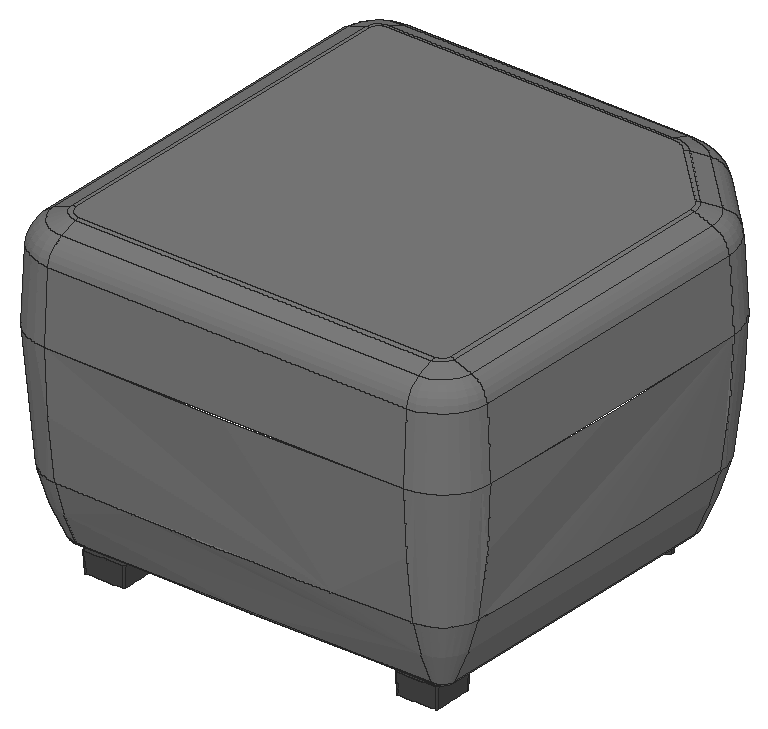
Revit family "Chair-Soft_Seating-Allermuir-Haven_Bench-HAB2WC90", category Furniture, Revit 2012
Parameters (values of type "HAB2WC90")
  ecoScorecard_data = "http://thesenatorgroup.ecoscorecard.com/product/HAB2WC90"
  ecoScorecard Product Page = "http://products.ecoscorecard.com/allermuir/HAB2WC90?action=html"
  Width = 1' - 9.7168"
  Weight = 15.0 lbf
  URL = "http://www.allermuir.net/Default.aspx"
  Subcategory = "Soft Seating"  # constant formula
  Specifications URL = ""
  Seat or Top = Fabric - Allermuir - Silcoates
  Product Page URL = "http://www.allermuir.net/Products.aspx?RangeId=495"
  Product Line = "Haven Bench"  # constant formula
  Pricing URL = ""
  Plugin Data URL = "http://products.ecoscorecard.com/thesenatorgroup/HAB2WC90"
  Model = "HAB2WC90"  # constant formula
  Manufacturer Phone - Toll Free = "(888) 887 5806"  # constant formula
  Manufacturer Phone = "(419) 887 5806"  # constant formula
  Manufacturer Fax = "(419) 887 5805"  # constant formula
  Manufacturer Email = "mailto:contact@allermuir-na.com"
  Manufacturer Address = "1630 Holland Road, Maumee, Ohio 43537 "  # constant formula
  Manufacturer = "Allermuir"  # constant formula
  LEED Stats URL = ""
  Height = 1' - 6.44476"
  Fabric Spec Sheets = "http://www.allermuir.net/Services/File.ashx?Type=B&Id=51"
  Description = ""
  Depth = 1' - 8.53955"
  Color Availability = "See price list for material options"  # constant formula
  CAD Blocks URL = ""
  Brochure URL = ""
  Base = Plastic - Allermuir - Black
  Assembly Code = "E2020200"
  95 CSI = "12510"  # constant formula
  04 CSI = "12 51 00"  # constant formula
Reference planes (in)
  plane 1 "Center Front/Back": y = 0
  plane 2: z = 0
  plane 3 "Center Left/Right": x = 0
  plane 4: x = 13.34061
  plane 5: x = -13.34061
  plane 6: y = 13.21296
  plane 7: y = -13.21296
Dimensions and locks (in)
  aligned and locked: plane 3 "Center Left/Right" to nested 1
  aligned and locked: plane 1 "Center Front/Back" to nested 1
Nested families (in)
  nested 1: "HAB2WC90" at (0, 0, 0), type "HAB2WC90"
Definition of nested family "HAB2WC90"
  Parameters (values of type "HAB2WC90")
    URL = "http://www.allermuir.net/Default.aspx"
    Seat = Fabric - Allermuir - Silcoates
    Model = "HAB2WC90"  # constant formula
    Manufacturer = "Allermuir"  # constant formula
    Leg = Plastic - Allermuir - Black
    Description = ""
    Assembly Code = "E2020200"
  Reference planes (in)
    plane 1 "Center Front/Back": y = 0
    plane 2: z = 0
    plane 3 "Center Left/Right": x = 0
    plane 4: x = 13.34061
    plane 5: x = -13.84061
    plane 6: y = 13.77546
    plane 7: y = -13.21296
  Forms (in)
    Sweep 1, solid, material "Fabric - Allermuir - Silcoates" <- "Seat"
      path origin (0, 0.25, 0) x (1, 0, 0) y (0, 1, 0)
        loop
          arc (-11.68062, 10.71163) -> (-12.11085, 0.09507) -> (-11.72814, -10.52331) r 138.87396
          arc (-11.72814, -10.52331) -> (-11.26822, -11.49897) -> (-10.27386, -11.91689) r 1.50612
          arc (-10.27386, -11.91689) -> (0.02897, -12.0802) -> (10.33181, -11.91759) r 325.77007
          arc (10.33181, -11.91759) -> (11.16624, -11.55719) -> (11.52927, -10.7239) r 1.2373
          arc (11.52927, -10.7239) -> (11.67824, -2.0395) -> (11.52146, 6.64477) r 246.73566
          arc (11.52146, 6.64477) -> (11.37135, 7.30644) -> (10.98939, 7.86719) r 1.82053
          line (10.98939, 7.86719) -> (7.66828, 11.18831)
          arc (7.66828, 11.18831) -> (6.91107, 11.69425) -> (6.01789, 11.87192) r 2.334
          line (6.01789, 11.87192) -> (-10.42514, 11.87192)
          arc (-10.42514, 11.87192) -> (-11.27991, 11.53743) -> (-11.68062, 10.71163) r 1.25938
      profile origin (-12.11085, 0.34507, 0) x (0.999997, -0.002238, 0) y (0, 0, 1)
        loop
          arc (0.48359, 18.00911) -> (-0.02008, 17.84496) -> (-0.51079, 17.64535) r 7.4344
          arc (-0.51079, 17.64535) -> (-1.13713, 17.14199) -> (-1.43804, 16.39693) r 1.59282
          arc (-1.43804, 16.39693) -> (-1.6232, 14.37226) -> (-1.65548, 12.33941) r 26.99906
          arc (-1.65548, 12.33941) -> (-1.44027, 8.70227) -> (-0.95447, 5.09131) r 48.83145
          line (-0.95447, 5.09131) -> (1.08431, 5.09131) -> (1.08431, 18.04351) -> (0.72818, 18.04351)
          arc (0.72818, 18.04351) -> (0.60468, 18.03487) -> (0.48359, 18.00911) r 0.88682
    Sweep 2, solid, material "Fabric - Allermuir - Silcoates" <- "Seat"
      path in 3D
        loop
          arc (-10.42514, 13.07639, 5.09131) -> (-11.92772, 12.48839, 5.09131) -> (-12.63213, 11.03673, 5.09131) r 2.21385
          arc (-12.63213, 11.03673, 5.09131) -> (-13.06532, 0.3472, 5.09131) -> (-12.67998, -10.34416, 5.09131) r 139.82843
          arc (-12.67998, -10.34416, 5.09131) -> (-11.9286, -11.93811, 5.09131) -> (-10.30408, -12.62088, 5.09131) r 2.46059
          arc (-10.30408, -12.62088, 5.09131) -> (0.02894, -12.78467, 5.09131) -> (10.36196, -12.62158, 5.09131) r 326.72454
          arc (10.36196, -12.62158, 5.09131) -> (11.84009, -11.98317, 5.09131) -> (12.48316, -10.50707, 5.09131) r 2.19177
          arc (12.48316, -10.50707, 5.09131) -> (12.63271, -1.78907, 5.09131) -> (12.47532, 6.9288, 5.09131) r 247.69013
          arc (12.47532, 6.9288, 5.09131) -> (12.24651, 7.93736, 5.09131) -> (11.66431, 8.7921, 5.09131) r 2.775
          line (11.66431, 8.7921, 5.09131) -> (8.34319, 12.11322, 5.09131)
          arc (8.34319, 12.11322, 5.09131) -> (7.27633, 12.82607, 5.09131) -> (6.01789, 13.07639, 5.09131) r 3.28847
          line (6.01789, 13.07639, 5.09131) -> (-10.42514, 13.07639, 5.09131)
      profile origin (-2.20363, 13.07639, 5.09131) x (0, 1, 0) y (0, 0, -1)
        loop
          arc (0, 0) -> (-0.59874, 1.90017) -> (-1.41678, 3.71674) r 16.91178
          arc (-1.41678, 3.71674) -> (-1.53581, 3.84398) -> (-1.70332, 3.89191) r 0.32659
          line (-1.70332, 3.89191) -> (-2.14, 3.8957) -> (-2.14, 0) -> (0, 0)
    Extrusion 3, solid, material "Fabric - Allermuir - Silcoates" <- "Seat"
      sketch origin (126.76276, 0.0343, 18.04351) x (-0.9969, 0.078685, 0) y (-0.078685, -0.9969, 0)
        loop
          arc (115.13263, 19.59051) -> (115.66511, 10.9594) -> (116.50104, 2.35238) r 245.65134
          arc (116.50104, 2.35238) -> (116.58261, 2.09041) -> (116.75443, 1.8765) r 0.73622
          line (116.75443, 1.8765) -> (120.32658, -1.17299)
          arc (120.32658, -1.17299) -> (120.75206, -1.41115) -> (121.2363, -1.46835) r 1.24969
          line (121.2363, -1.46835) -> (137.62835, -0.17453)
          arc (137.62835, -0.17453) -> (137.74315, -0.11882) -> (137.78965, 0) r 0.17507
          arc (137.78965, 0) -> (137.38635, 10.5346) -> (136.17882, 21.00753) r 137.78965
          arc (136.17882, 21.00753) -> (136.02891, 21.26979) -> (135.74208, 21.36456) r 0.42181
          arc (135.74208, 21.36456) -> (125.49258, 20.71884) -> (115.26862, 19.74929) r 324.68576
          arc (115.26862, 19.74929) -> (115.16927, 19.69675) -> (115.13263, 19.59051) r 0.15298
      from 0 to -12.48632
    Extrusion 4, solid, material "Fabric - Allermuir - Silcoates" <- "Seat"
      sketch origin (-10.42514, 10.86254, 1.19561) x (0, 1, 0) y (1, 0, 0)
        loop
          arc (-21.3445, 0.18882) -> (-21.25554, -0.02284) -> (-21.04786, -0.12074) r 0.3206
          arc (-21.04786, -0.12074) -> (-10.52012, -0.50019) -> (0.00581, -0.07363) r 137.68843
          arc (0.00581, -0.07363) -> (0.05424, -0.05013) -> (0.07386, 0) r 0.07386
          line (0.07386, 0) -> (0.07386, 16.44303)
          arc (0.07386, 16.44303) -> (-0.01356, 16.88253) -> (-0.26252, 17.25513) r 1.14848
          line (-0.26252, 17.25513) -> (-3.58364, 20.57624)
          arc (-3.58364, 20.57624) -> (-3.77923, 20.70947) -> (-4.01002, 20.76183) r 0.63501
          arc (-4.01002, 20.76183) -> (-12.65257, 20.91786) -> (-21.29525, 20.7696) r 245.55013
          arc (-21.29525, 20.7696) -> (-21.33011, 20.75441) -> (-21.34519, 20.7195) r 0.05177
          arc (-21.34519, 20.7195) -> (-21.50721, 10.45415) -> (-21.3445, 0.18882) r 324.58454
      from 0 to -5.38661
  Cuts and joins
    joined: Sweep 1, Sweep 2, Extrusion 3, Extrusion 4
  Lines and regions (in)
    sketch lines
      curve 1: line (6.01789, 13.07639, 5.09131) -> (-10.42514, 13.07639, 5.09131)
      curve 2: arc (-10.42514, 13.07639, 5.09131) -> (-11.92772, 12.48839, 5.09131) -> (-12.63213, 11.03673, 5.09131) r 2.21385
      curve 3: arc (-12.63213, 11.03673, 5.09131) -> (-13.06532, 0.3472, 5.09131) -> (-12.67998, -10.34416, 5.09131) r 139.82843
      curve 4: arc (-12.67998, -10.34416, 5.09131) -> (-11.9286, -11.93811, 5.09131) -> (-10.30408, -12.62088, 5.09131) r 2.46059
      curve 5: arc (-10.30408, -12.62088, 5.09131) -> (0.02894, -12.78467, 5.09131) -> (10.36196, -12.62158, 5.09131) r 326.72454
      curve 6: arc (10.36196, -12.62158, 5.09131) -> (11.84009, -11.98317, 5.09131) -> (12.48316, -10.50707, 5.09131) r 2.19177
      curve 7: arc (12.48316, -10.50707, 5.09131) -> (12.63271, -1.78907, 5.09131) -> (12.47532, 6.9288, 5.09131) r 247.69013
      curve 8: arc (12.47532, 6.9288, 5.09131) -> (12.24651, 7.93736, 5.09131) -> (11.66431, 8.7921, 5.09131) r 2.775
      curve 9: line (11.66431, 8.7921, 5.09131) -> (8.34319, 12.11322, 5.09131)
      curve 10: arc (8.34319, 12.11322, 5.09131) -> (7.27633, 12.82607, 5.09131) -> (6.01789, 13.07639, 5.09131) r 3.28847
    symbolic lines, style "Chair"
      curve 11: line (-10.46041, 13.78327, 0) -> (6.0632, 13.78327, 0)
      curve 12: line (8.81296, 12.64429, 0) -> (12.15714, 9.3001, 0)
      curve 13: arc (6.0632, 13.78327, 0) -> (7.55136, 13.48726, 0) -> (8.81296, 12.64429, 0) r 3.88874
      curve 14: arc (-13.36954, 11.07105, 0) -> (-13.74888, 0.34103, 0) -> (-13.38343, -10.38948, 0) r 154.77844
      curve 15: arc (-10.46041, 13.78327, 0) -> (-12.44908, 13.00004, 0) -> (-13.36954, 11.07105, 0) r 2.91628
      curve 16: arc (-10.32868, -13.33702, 0) -> (0.05373, -13.50679, 0) -> (10.43603, -13.33048, 0) r 311.55352
      curve 17: arc (13.17816, 6.99483, 0) -> (13.39679, -1.80284, 0) -> (13.19954, -10.60103, 0) r 186.22155
      curve 18: arc (12.15714, 9.3001, 0) -> (12.88243, 8.2426, 0) -> (13.17816, 6.99483, 0) r 3.5
      curve 19: arc (13.19954, -10.60103, 0) -> (12.35147, -12.5061, 0) -> (10.43603, -13.33048, 0) r 2.86285
      curve 20: arc (-13.38343, -10.38948, 0) -> (-12.42303, -12.45086, 0) -> (-10.32868, -13.33702, 0) r 3.16676
  Nested families (in)
    nested 1: "Leg" at (-8.61877, -10.04977, 0) x (-0.0137, 0.9999, 0) z (0, 0, 1), type "PSM102"
    nested 2: "Leg" at (8.20761, 6.78652, 0) x (-0.7124, 0.7018, 0) z (0, 0, 1), type "PSM102"
    nested 3: "Leg" at (9.35478, -9.96751, 0) x (-0.0152, 0.9999, 0) z (0, 0, 1), type "PSM102"
    nested 4: "Leg" at (-8.61877, 8.34665, 0) x (-0.0137, -0.9999, 0) z (0, 0, 1), type "PSM102"
  Definition of nested family "Leg"
    Parameters (values of type "Leg")
      URL = ""
      Stacks = no
      Model = ""
      Manufacturer = ""
      Leg = none
      Description = ""
      Assembly Code = ""
    Reference planes (in)
      plane 1 "Center Front/Back": y = 0
      plane 2: z = 0
      plane 3 "Center Left/Right": x = 0
      plane 4: z = 1.1811
      plane 5: through (1.68179, 60.03512, 48) normal (1, -0.0075, 0)
      plane 6: through (-60.04651, 1.66009, 48) normal (0.0075, 1, 0)
      plane 7: through (-0.75471, 60.03512, 48) normal (1, -0.0075, 0)
      plane 8: through (-60.04651, -0.77642, 48) normal (0.0075, 1, 0)
    Forms (in)
      Blend 1, solid, material <- "Leg"
        base sketch origin (0, 0, 0) x (1, 0, 0) y (0, 1, 0)
          loop
            arc (-1.05046, 1.17679) -> (-1.12804, 1.14534) -> (-1.16066, 1.06825) r 0.10938
            line (-1.16066, 1.06825) -> (-1.17679, -1.07224)
            arc (-1.17679, -1.07224) -> (-1.14534, -1.14982) -> (-1.06824, -1.18244) r 0.10938
            line (-1.06824, -1.18244) -> (1.07224, -1.19857)
            arc (1.07224, -1.19857) -> (1.14982, -1.16712) -> (1.18244, -1.09003) r 0.10938
            line (1.18244, -1.09003) -> (1.19857, 1.05046)
            arc (1.19857, 1.05046) -> (1.16712, 1.12804) -> (1.09003, 1.16066) r 0.10938
            line (1.09003, 1.16066) -> (-1.05046, 1.17679)
        top sketch origin (0, 0, 0) x (1, 0, 0) y (0, 1, 0)
          loop
            arc (1.23744, 1.08874) -> (1.20599, 1.16632) -> (1.12889, 1.19894) r 0.10938
            line (1.12889, 1.19894) -> (-1.08874, 1.21566)
            arc (-1.08874, 1.21566) -> (-1.16632, 1.18421) -> (-1.19894, 1.10711) r 0.10938
            line (-1.19894, 1.10711) -> (-1.21566, -1.11052)
            arc (-1.21566, -1.11052) -> (-1.1842, -1.1881) -> (-1.10711, -1.22072) r 0.10938
            line (-1.10711, -1.22072) -> (1.11052, -1.23744)
            arc (1.11052, -1.23744) -> (1.1881, -1.20599) -> (1.22072, -1.12889) r 0.10938
            line (1.22072, -1.12889) -> (1.23744, 1.08874)
        from 0 to 1.1811
    Dimensions and locks (in)
      locked: plane 7 to plane 5 at 2.43644
      locked: plane 6 to plane 8 at 2.43645
      locked: plane 4 to level at 1.1811
